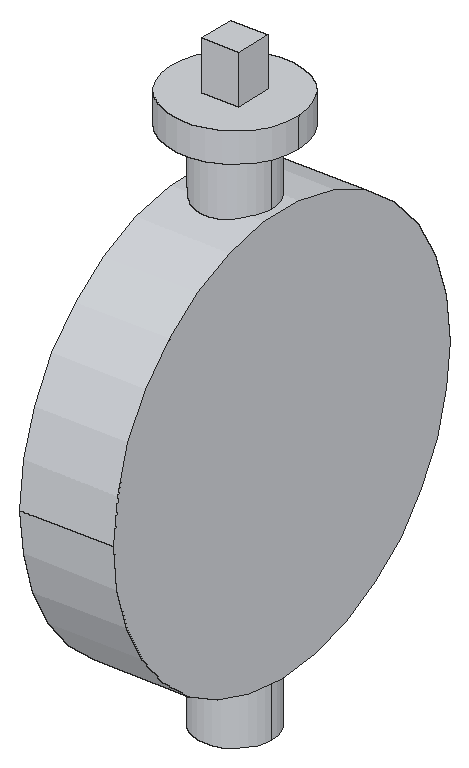
Revit family "HS497-68_disk-nerez_volné vřeteno DN100-RFA_2019", category Pipe Accessories, Revit 2019
Family settings
  Round Connector Dimension = Use Diameter
  Part Type = Valve - Breaks Into
  Work Plane-Based = No
  Always vertical = Yes
  Cut with Voids When Loaded = No
  Shared = No
Parameters (values of type "HS 497-68_DN600_PN10_volné vřeteno")
  magiProductId = "99d5892c14664fce81a7c5903f7711"
  magiProductFamilyId = "53cea81e6f374d17b8841d9c72ad77"
  magiPartTypeId = 305
  isMeasuringValve [instance] = no
  ang2D [instance] = 0.00°
  X11 = 143.397 mm
  X1 = 59.397 mm
  W2D = 1000 mm
  VersionID = "2.0/2017.9.26.1/ZETKAMA_497_001"
  Use Minimum Symbol Size [instance] = yes
  URL = "http://www.hydronic.cz"
  Type Comments = "mezipřírubová; nerezový disk; PN10; -10~+110°C (krátkodobě +120°C)"
  SW30 = no
  SW3 = no
  SW21 = no
  SW20 = no
  SW2 = no
  SW1 = yes
  R = 300 mm
  QmdConnectorList = "301;D;302;D"
  Productdata [instance] = ""
  NC = 50 mm
  Manufacturer = "Hydronic Systems Prague s.r.o."
  MM20 = 59.397 mm
  MC Product Code = "124 600 (nerezový disk, s volným vřetenem; DN600; PN10, kvs36778)"
  M41 = 66 mm
  M4 = 44 mm
  LHL = 220 mm
  LHH3 = 2.45 mm
  LHH1 = 46.55 mm
  LH1 = 73.333 mm
  L4R__ve = -L4R  # -12.8 mm
  L4R = 12.8 mm
  L42__ve = -L42  # -96 mm
  L42 = 96 mm
  L41__ve = -L41  # -19.2 mm
  L41 = 19.2 mm
  L2D_Min = 3048 mm
  L2D = 216 mm
  L2 = 77 mm
  L1 = 123.2 mm
  L = 154 mm
  H = 80 mm
  G22 = 11.25 mm
  G2 = 22.5 mm
  G1 = 90 mm
  G = 210 mm
  F = 60 mm
  E44 = 31.25 mm
  E42 = 62.5 mm
  E4 = 125 mm
  E23 = 4.9 mm
  E22 = 19.6 mm
  E21 = 9.8 mm
  Description = "Mezipřírubová uzavírací klapka s volným vřetenem; nerezový disk, DN600; PN10; kvs36788"
  DR2 = 300 mm
  DR = 690 mm
  DD1 = 15.625 mm
  DD = 12.5 mm
  D = 600 mm
  CAT0 = yes
  B2__ve = -B2  # -140 mm
  B2 = 140 mm
  A2 = 49.4 mm
  A1 = 144.6 mm
Types (43, lengths in mm): name | magiProductId | X11 | X1 | Type Comments | SW30 | SW3 | SW20 | SW2 | SW1 | R | NC | Manufacturer | MM20 | MC Product Code | M41 | M4 | LHL | LHH3 | LHH1 | LH1 | L4R__ve | L4R | L42__ve | L42 | L41__ve | L41 | L2 | L1 | L | H | G | F | E44 | E42 | E4 | E23 | E22 | E21 | Description | DR2 | DR | DD1 | DD | D | B2__ve | B2 | A2 | A1
  HS 497-68_DN100_PN16_volné vřeteno | "65d1b245f4f142c78569c0602d5754" | 61.456 | 25.456 | "mezipřírubová; nerezový disk; PN16; -10~+110°C (krátkodobě +120°C)" | no | no | no | no | yes | 50 | 50 | "Hydronic Systems Prague s.r.o." | 25.456 | "124 100 (nerezový disk, s volným vřetenem; DN100; PN16, kvs512)" | 66 | 44 | 220 | 2.45 | 46.55 | 73.333 | -12.8 | 12.8 | -96 | 96 | -19.2 | 19.2 | 26 | 41.6 | 52 | 30 | 90 | 11 | 31.25 | 62.5 | 125 | 4.9 | 19.6 | 9.8 | "Mezipřírubová uzavírací klapka s volným vřetenem; nerezový disk, DN100; PN16; kvs512" | 50 | 147 | 15.625 | 12.5 | 100 | -56 | 56 | 16.5 | 98.5
  HS 497-68_DN100_PN16_převodové kolo | "11e91b807e674d428c8e796fcdcfe2" | 61.456 | 25.456 | "mezipřírubová; nerezový disk; PN16; -10~+110°C (krátkodobě +120°C)" | yes | yes | no | no | no | 50 | 50 | "Hydronic Systems Prague s.r.o." | 25.456 | "126 100 (nerezový disk, s převodovým kolem; DN100; PN16, kvs512)" | 65.25 | 43.5 | 220 | 2.45 | 46.55 | 73.333 | -12.8 | 12.8 | -96 | 96 | -19.2 | 19.2 | 26 | 41.6 | 52 | 30 | 90 | 11 | 31.25 | 62.5 | 125 | 4.9 | 19.6 | 9.8 | "Mezipřírubová uzavírací klapka s převodovým kolem; nerezový disk, DN100; PN16; kvs512" | 50 | 147 | 15.625 | 12.5 | 100 | -56 | 56 | 16.5 | 98.5
  HS 497-68_DN100_PN16_s pákou | "28172f0b3f4b47b28323ac71cf8749" | 61.456 | 25.456 | "mezipřírubová; nerezový disk; PN16; -10~+110°C (krátkodobě +120°C)" | no | no | yes | yes | no | 50 | 50 | "Hydronic Systems Prague s.r.o." | 25.456 | "121 100 (nerezový disk, s pákou; DN100; PN16, kvs512)" | 66 | 44 | 260 | 3 | 57 | 86.667 | -12.8 | 12.8 | -96 | 96 | -19.2 | 19.2 | 26 | 41.6 | 52 | 30 | 90 | 11 | 31.25 | 62.5 | 125 | 6 | 24 | 12 | "Mezipřírubová uzavírací klapka s pákou; nerezový disk, DN100; PN16; kvs512" | 50 | 147 | 15.625 | 12.5 | 100 | -56 | 56 | 16.5 | 98.5
  HS 497-68_DN125_PN16_volné vřeteno | "0d813d910fc14f628bb3c2efbd185c" | 61.456 | 25.456 | "mezipřírubová; nerezový disk; PN16; -10~+110°C (krátkodobě +120°C)" | no | no | no | no | yes | 62.5 | 50 | "Hydronic Systems Prague s.r.o." | 25.456 | "124 125 (nerezový disk, s volným vřetenem; DN125; PN16, kvs872)" | 66 | 44 | 220 | 2.45 | 46.55 | 73.333 | -12.8 | 12.8 | -96 | 96 | -19.2 | 19.2 | 28 | 44.8 | 56 | 33 | 90 | 14 | 31.25 | 62.5 | 125 | 4.9 | 19.6 | 9.8 | "Mezipřírubová uzavírací klapka s volným vřetenem; nerezový disk, DN125; PN16; kvs872" | 62.5 | 180 | 15.625 | 12.5 | 125 | -64 | 64 | 18 | 99.5
  HS 497-68_DN125_PN16_převodové kolo | "c56b7c13f372467684996fb1e0e229" | 61.456 | 25.456 | "mezipřírubová; nerezový disk; PN16; -10~+110°C (krátkodobě +120°C)" | yes | yes | no | no | no | 62.5 | 50 | "Hydronic Systems Prague s.r.o." | 25.456 | "126125 (nerezový disk, s převodovým kolem; DN125; PN16, kvs872)" | 65.25 | 43.5 | 220 | 2.45 | 46.55 | 73.333 | -13.5 | 13.5 | -101.25 | 101.25 | -20.25 | 20.25 | 28 | 44.8 | 56 | 33 | 90 | 14 | 40 | 80 | 160 | 4.9 | 19.6 | 9.8 | "Mezipřírubová uzavírací klapka s převodovým kolem; nerezový disk, DN125; PN16; kvs872" | 62.5 | 180 | 20 | 16 | 125 | -64 | 64 | 18 | 99.5
  HS 497-68_DN125_PN16_s pákou | "105993c79a91492399feef7931321a" | 61.456 | 25.456 | "mezipřírubová; nerezový disk; PN16; -10~+110°C (krátkodobě +120°C)" | no | no | yes | yes | no | 62.5 | 50 | "Hydronic Systems Prague s.r.o." | 25.456 | "121 125 (nerezový disk, s pákou; DN125; PN16, kvs872)" | 66 | 44 | 315 | 3.75 | 71.25 | 105 | -12.8 | 12.8 | -96 | 96 | -19.2 | 19.2 | 28 | 44.8 | 56 | 33 | 90 | 14 | 31.25 | 62.5 | 125 | 7.5 | 30 | 15 | "Mezipřírubová uzavírací klapka s pákou; nerezový disk, DN125; PN16; kvs872" | 62.5 | 180 | 15.625 | 12.5 | 125 | -64 | 64 | 18 | 99.5
  HS 497-68_DN150_PN16_volné vřeteno | "50c80cb8ab434f55ab7796e5ac1331" | 61.456 | 25.456 | "mezipřírubová; nerezový disk; PN16; -10~+110°C (krátkodobě +120°C)" | no | no | no | no | yes | 75 | 50 | "Hydronic Systems Prague s.r.o." | 25.456 | "124 150 (nerezový disk, s volným vřetenem; DN150; PN16, kvs1347)" | 66 | 44 | 220 | 2.45 | 46.55 | 73.333 | -12.8 | 12.8 | -96 | 96 | -19.2 | 19.2 | 28 | 44.8 | 56 | 33 | 90 | 14 | 31.25 | 62.5 | 125 | 4.9 | 19.6 | 9.8 | "Mezipřírubová uzavírací klapka s volným vřetenem; nerezový disk, DN150; PN16; kvs1347" | 75 | 206 | 15.625 | 12.5 | 150 | -58 | 58 | 19.3 | 98.7
  HS 497-68_DN150_PN16_převodové kolo | "d94a1a0cf83b476eb10011b327f709" | 61.456 | 25.456 | "mezipřírubová; nerezový disk; PN16; -10~+110°C (krátkodobě +120°C)" | yes | yes | no | no | no | 75 | 50 | "Hydronic Systems Prague s.r.o." | 25.456 | "126 150 (nerezový disk, s převodovým kolem; DN150; PN16, kvs1347)" | 65.25 | 43.5 | 220 | 2.45 | 46.55 | 73.333 | -13.5 | 13.5 | -101.25 | 101.25 | -20.25 | 20.25 | 28 | 44.8 | 56 | 33 | 90 | 14 | 40 | 80 | 160 | 4.9 | 19.6 | 9.8 | "Mezipřírubová uzavírací klapka s převodovým kolem; nerezový disk, DN150; PN16; kvs1347" | 75 | 206 | 20 | 16 | 150 | -58 | 58 | 19.3 | 98.7
  HS 497-68_DN150_PN16_s pákou | "4d2835523fe84828bc50ff0a5a0dfb" | 61.456 | 25.456 | "mezipřírubová; nerezový disk; PN16; -10~+110°C (krátkodobě +120°C)" | no | no | yes | yes | no | 75 | 50 | "Hydronic Systems Prague s.r.o." | 25.456 | "121 150 (nerezový disk, s pákou; DN150; PN16, kvs1347)" | 66 | 44 | 315 | 3.75 | 71.25 | 105 | -12.8 | 12.8 | -96 | 96 | -19.2 | 19.2 | 28 | 44.8 | 56 | 33 | 90 | 14 | 31.25 | 62.5 | 125 | 7.5 | 30 | 15 | "Mezipřírubová uzavírací klapka s pákou; nerezový disk, DN150; PN16; kvs1347" | 75 | 206 | 15.625 | 12.5 | 150 | -58 | 58 | 19.3 | 98.7
  HS 497-68_DN200_PN16_volné vřeteno | "5b29029eaeba47139ee1055a4b9201" | 61.456 | 25.456 | "mezipřírubová; nerezový disk; PN16; -10~+110°C (krátkodobě +120°C)" | no | no | no | no | yes | 100 | 50 | "Hydronic Systems Prague s.r.o." | 25.456 | "124 200 (nerezový disk, s volným vřetenem; DN200; PN16, kvs2675)" | 66 | 44 | 220 | 2.45 | 46.55 | 73.333 | -12.8 | 12.8 | -96 | 96 | -19.2 | 19.2 | 30 | 48 | 60 | 33 | 90 | 17 | 31.25 | 62.5 | 125 | 4.9 | 19.6 | 9.8 | "Mezipřírubová uzavírací klapka s volným vřetenem; nerezový disk, DN200; PN16; kvs2675" | 100 | 257 | 15.625 | 12.5 | 200 | -70 | 70 | 22.5 | 102.5
  HS 497-68_DN200_PN16_převodové kolo | "b2793cc1fcc44cf2a35062cd67c04f" | 61.456 | 25.456 | "mezipřírubová; nerezový disk; PN16; -10~+110°C (krátkodobě +120°C)" | yes | yes | no | no | no | 100 | 57 | "Hydronic Systems Prague s.r.o." | 25.456 | "126 200 (nerezový disk, s převodovým kolem; DN200; PN16, kvs2675)" | 78.75 | 52.5 | 220 | 2.45 | 46.55 | 73.333 | -15.2 | 15.2 | -114 | 114 | -22.8 | 22.8 | 30 | 48 | 60 | 33 | 90 | 17 | 50 | 100 | 200 | 4.9 | 19.6 | 9.8 | "Mezipřírubová uzavírací klapka s převodovým kolem; nerezový disk, DN200; PN16; kvs2675" | 100 | 257 | 25 | 20 | 200 | -70 | 70 | 22.5 | 102.5
  HS 497-68_DN200_PN16_s pákou | "f88d96c7af224537a51e72d7d8fffe" | 61.456 | 25.456 | "mezipřírubová; nerezový disk; PN16; -10~+110°C (krátkodobě +120°C)" | no | no | yes | yes | no | 100 | 50 | "Hydronic Systems Prague s.r.o." | 25.456 | "121 200 (nerezový disk, s pákou; DN200; PN16, kvs2675)" | 66 | 44 | 315 | 3.75 | 71.25 | 105 | -12.8 | 12.8 | -96 | 96 | -19.2 | 19.2 | 30 | 48 | 60 | 33 | 90 | 17 | 31.25 | 62.5 | 125 | 7.5 | 30 | 15 | "Mezipřírubová uzavírací klapka s pákou; nerezový disk, DN200; PN16; kvs2675" | 100 | 257 | 15.625 | 12.5 | 200 | -70 | 70 | 22.5 | 102.5
  HS 497-68_DN250_PN16_volné vřeteno | "b662e8305ca2402b9c510e66e6aa55" | 88.77 | 36.77 | "mezipřírubová; nerezový disk; PN16; -10~+110°C (krátkodobě +120°C)" | no | no | no | no | yes | 125 | 50 | "Hydronic Systems Prague s.r.o." | 36.77 | "124 250 (nerezový disk, s volným vřetenem; DN250; PN16, kvs4555)" | 66 | 44 | 220 | 2.45 | 46.55 | 73.333 | -12.8 | 12.8 | -96 | 96 | -19.2 | 19.2 | 34 | 54.4 | 68 | 23 | 130 | 22 | 31.25 | 62.5 | 125 | 4.9 | 19.6 | 9.8 | "Mezipřírubová uzavírací klapka s volným vřetenem; nerezový disk, DN250; PN16; kvs4555" | 125 | 324 | 15.625 | 12.5 | 250 | -85 | 85 | 28.25 | 129.25
  HS 497-68_DN250_PN16_převodové kolo | "5ee9016806664ddfaa2632711f295c" | 88.77 | 36.77 | "mezipřírubová; nerezový disk; PN16; -10~+110°C (krátkodobě +120°C)" | yes | yes | no | no | no | 125 | 70 | "Hydronic Systems Prague s.r.o." | 36.77 | "126 250 (nerezový disk, s převodovým kolem; DN250; PN16, kvs4555)" | 91.5 | 61 | 220 | 2.45 | 46.55 | 73.333 | -22.2 | 22.2 | -166.5 | 166.5 | -33.3 | 33.3 | 34 | 54.4 | 68 | 23 | 130 | 22 | 62.5 | 125 | 250 | 4.9 | 19.6 | 9.8 | "Mezipřírubová uzavírací klapka s převodovým kolem; nerezový disk, DN250; PN16; kvs4555" | 125 | 324 | 31.25 | 25 | 250 | -85 | 85 | 28.25 | 129.25
  HS 497-68_DN300_PN16_volné vřeteno | "e1886f51ff004380a649519258edf2" | 88.77 | 36.77 | "mezipřírubová; nerezový disk; PN16; -10~+110°C (krátkodobě +120°C)" | no | no | no | no | yes | 150 | 50 | "Hydronic Systems Prague s.r.o." | 36.77 | "124 300 (nerezový disk, s volným vřetenem; DN300; PN16, kvs7037)" | 66 | 44 | 220 | 2.45 | 46.55 | 73.333 | -12.8 | 12.8 | -96 | 96 | -19.2 | 19.2 | 39 | 62.4 | 78 | 23 | 130 | 22 | 31.25 | 62.5 | 125 | 4.9 | 19.6 | 9.8 | "Mezipřírubová uzavírací klapka s volným vřetenem; nerezový disk, DN300; PN16; kvs7037" | 150 | 376 | 15.625 | 12.5 | 300 | -90 | 90 | 30.8 | 127.2
  HS 497-68_DN300_PN16_převodové kolo | "6860f094f77d42088fbebc3c97f755" | 88.77 | 36.77 | "mezipřírubová; nerezový disk; PN16; -10~+110°C (krátkodobě +120°C)" | yes | yes | no | no | no | 150 | 70 | "Hydronic Systems Prague s.r.o." | 36.77 | "126 300 (nerezový disk, s převodovým kolem; DN300; PN16, kvs7037)" | 91.5 | 61 | 220 | 2.45 | 46.55 | 73.333 | -22.2 | 22.2 | -166.5 | 166.5 | -33.3 | 33.3 | 39 | 62.4 | 78 | 23 | 130 | 22 | 62.5 | 125 | 250 | 4.9 | 19.6 | 9.8 | "Mezipřírubová uzavírací klapka s převodovým kolem; nerezový disk, DN300; PN16; kvs7037" | 150 | 376 | 31.25 | 25 | 300 | -90 | 90 | 30.8 | 127.2
  HS 497-68_DN032_PN16_volné vřeteno | "8c5f65de52aa4067a77564107e31b2" | 61.456 | 25.456 | "mezipřírubová; nerezový disk; PN16; -10~+110°C (krátkodobě +120°C)" | no | no | no | no | yes | 16 | 50 | "Hydronic Systems Prague s.r.o." | 25.456 | "124 032 (nerezový disk, s volným vřetenem; DN32; PN16, kvs78)" | 66 | 44 | 220 | 2.45 | 46.55 | 73.333 | -12.8 | 12.8 | -96 | 96 | -19.2 | 19.2 | 16.5 | 26.4 | 33 | 30 | 90 | 11 | 31.25 | 62.5 | 125 | 4.9 | 19.6 | 9.8 | "Mezipřírubová uzavírací klapka s volným vřetenem; nerezový disk, DN32; PN16; kvs78" | 16 | 68 | 15.625 | 12.5 | 32 | -44.2 | 44.2 | 10.25 | 76.25
  HS 497-68_DN032_PN16_převodové kolo | "60aaeffa8b3a4e809ef000e4660060" | 61.456 | 25.456 | "mezipřírubová; nerezový disk; PN16; -10~+110°C (krátkodobě +120°C)" | yes | yes | no | no | no | 16 | 50 | "Hydronic Systems Prague s.r.o." | 25.456 | "126 032 (nerezový disk, s převodovým kolem; DN32; PN16, kvs78)" | 65.25 | 43.5 | 220 | 2.45 | 46.55 | 73.333 | -12.8 | 12.8 | -96 | 96 | -19.2 | 19.2 | 16.5 | 26.4 | 33 | 30 | 90 | 11 | 31.25 | 62.5 | 125 | 4.9 | 19.6 | 9.8 | "Mezipřírubová uzavírací klapka s převodovým kolem; nerezový disk, DN32; PN16; kvs78" | 16 | 68 | 15.625 | 12.5 | 32 | -44.2 | 44.2 | 10.25 | 76.25
  HS 497-68_DN032_PN16_s pákou | "9ad8088d610749a1b871aa2aad8007" | 61.456 | 25.456 | "mezipřírubová; nerezový disk; PN16; -10~+110°C (krátkodobě +120°C)" | no | no | yes | yes | no | 16 | 50 | "Hydronic Systems Prague s.r.o." | 25.456 | "121 032 (nerezový disk, s pákou; DN32; PN16, kvs78)" | 66 | 44 | 220 | 2.45 | 46.55 | 73.333 | -12.8 | 12.8 | -96 | 96 | -19.2 | 19.2 | 16.5 | 26.4 | 33 | 30 | 90 | 11 | 31.25 | 62.5 | 125 | 4.9 | 19.6 | 9.8 | "Mezipřírubová uzavírací klapka s pákou; nerezový disk, DN32; PN16; kvs78" | 16 | 68 | 15.625 | 12.5 | 32 | -44.2 | 44.2 | 10.25 | 76.25
  HS 497-68_DN350_PN10_volné vřeteno | "72a1e05f22944421b7e9596a877137" | 109.255 | 45.255 | "mezipřírubová; nerezový disk; PN10; -10~+110°C (krátkodobě +120°C)" | no | no | no | no | yes | 175 | 50 | "Hydronic Systems Prague s.r.o." | 45.255 | "124 350 (nerezový disk, s volným vřetenem; DN350; PN10, kvs10165)" | 66 | 44 | 220 | 2.45 | 46.55 | 73.333 | -12.8 | 12.8 | -96 | 96 | -19.2 | 19.2 | 39 | 62.4 | 78 | 31 | 160 | 22 | 31.25 | 62.5 | 125 | 4.9 | 19.6 | 9.8 | "Mezipřírubová uzavírací klapka s volným vřetenem; nerezový disk, DN350; PN10; kvs10165" | 175 | 430 | 15.625 | 12.5 | 350 | -88 | 88 | 33.85 | 129.65
  HS 497-68_DN350_PN10_převodové kolo | "a5a01426cb28494ba3afca92f1dace" | 109.255 | 45.255 | "mezipřírubová; nerezový disk; PN10; -10~+110°C (krátkodobě +120°C)" | yes | yes | no | no | no | 175 | 70 | "Hydronic Systems Prague s.r.o." | 45.255 | "126 350 (nerezový disk, s převodovým kolem; DN350; PN10, kvs10165)" | 91.5 | 61 | 220 | 2.45 | 46.55 | 73.333 | -22.2 | 22.2 | -166.5 | 166.5 | -33.3 | 33.3 | 39 | 62.4 | 78 | 31 | 160 | 22 | 62.5 | 125 | 250 | 4.9 | 19.6 | 9.8 | "Mezipřírubová uzavírací klapka s převodovým kolem; nerezový disk, DN350; PN10; kvs10165" | 175 | 430 | 31.25 | 25 | 350 | -88 | 88 | 33.85 | 129.65
  HS 497-68_DN400_PN10_volné vřeteno | "c70ebeb927c04ab99b176e257ad0a7" | 109.255 | 45.255 | "mezipřírubová; nerezový disk; PN10; -10~+110°C (krátkodobě +120°C)" | no | no | no | no | yes | 200 | 50 | "Hydronic Systems Prague s.r.o." | 45.255 | "124 400 (nerezový disk, s volným vřetenem; DN400; PN10, kvs13799)" | 66 | 44 | 220 | 2.45 | 46.55 | 73.333 | -12.8 | 12.8 | -96 | 96 | -19.2 | 19.2 | 51 | 81.6 | 102 | 31 | 160 | 27 | 31.25 | 62.5 | 125 | 4.9 | 19.6 | 9.8 | "Mezipřírubová uzavírací klapka s volným vřetenem; nerezový disk, DN400; PN10; kvs13799" | 200 | 485 | 15.625 | 12.5 | 400 | -108 | 108 | 38 | 142
  HS 497-68_DN400_PN10_převodové kolo | "cc64a4384dcb41b780d81810f4f293" | 109.255 | 45.255 | "mezipřírubová; nerezový disk; PN10; -10~+110°C (krátkodobě +120°C)" | yes | yes | no | no | no | 200 | 72.5 | "Hydronic Systems Prague s.r.o." | 45.255 | "126 400 (nerezový disk, s převodovým kolem; DN400; PN10, kvs13799)" | 103.5 | 69 | 220 | 2.45 | 46.55 | 73.333 | -27.8 | 27.8 | -208.5 | 208.5 | -41.7 | 41.7 | 51 | 81.6 | 102 | 31 | 160 | 27 | 75 | 150 | 300 | 4.9 | 19.6 | 9.8 | "Mezipřírubová uzavírací klapka s převodovým kolem; nerezový disk, DN400; PN10; kvs13799" | 200 | 485 | 37.5 | 30 | 400 | -108 | 108 | 38 | 142
  HS 497-68_DN040_PN16_volné vřeteno | "35f92312390745e88df5b5c325d9ee" | 61.456 | 25.456 | "mezipřírubová; nerezový disk; PN16; -10~+110°C (krátkodobě +120°C)" | no | no | no | no | yes | 20 | 50 | "Hydronic Systems Prague s.r.o." | 25.456 | "124 040 (nerezový disk, s volným vřetenem; DN40; PN16, kvs78)" | 66 | 44 | 220 | 2.45 | 46.55 | 73.333 | -12.8 | 12.8 | -96 | 96 | -19.2 | 19.2 | 16.5 | 26.4 | 33 | 30 | 90 | 11 | 31.25 | 62.5 | 125 | 4.9 | 19.6 | 9.8 | "Mezipřírubová uzavírací klapka s volným vřetenem; nerezový disk, DN40; PN16; kvs78" | 20 | 76 | 15.625 | 12.5 | 40 | -36 | 36 | 11 | 79
  HS 497-68_DN040_PN16_převodové kolo | "d88e968eae3445bc9b7b4e6ff35127" | 61.456 | 25.456 | "mezipřírubová; nerezový disk; PN16; -10~+110°C (krátkodobě +120°C)" | yes | yes | no | no | no | 20 | 50 | "Hydronic Systems Prague s.r.o." | 25.456 | "126 040 (nerezový disk, s převodovým kolem; DN40; PN16, kvs78)" | 65.25 | 43.5 | 220 | 2.45 | 46.55 | 73.333 | -12.8 | 12.8 | -96 | 96 | -19.2 | 19.2 | 16.5 | 26.4 | 33 | 30 | 90 | 11 | 31.25 | 62.5 | 125 | 4.9 | 19.6 | 9.8 | "Mezipřírubová uzavírací klapka s převodovým kolem; nerezový disk, DN40; PN16; kvs78" | 20 | 76 | 15.625 | 12.5 | 40 | -36 | 36 | 11 | 79
  HS 497-68_DN040_PN16_s pákou | "c1b522ca65b4407a98818f232eaacb" | 61.456 | 25.456 | "mezipřírubová; nerezový disk; PN16; -10~+110°C (krátkodobě +120°C)" | no | no | yes | yes | no | 20 | 50 | "Hydronic Systems Prague s.r.o." | 25.456 | "121 040 (nerezový disk, s pákou; DN40; PN16, kvs78)" | 66 | 44 | 220 | 2.45 | 46.55 | 73.333 | -12.8 | 12.8 | -96 | 96 | -19.2 | 19.2 | 16.5 | 26.4 | 33 | 30 | 90 | 11 | 31.25 | 62.5 | 125 | 4.9 | 19.6 | 9.8 | "Mezipřírubová uzavírací klapka s pákou; nerezový disk, DN40; PN16; kvs78" | 20 | 76 | 15.625 | 12.5 | 40 | -36 | 36 | 11 | 79
  HS 497-68_DN450_PN10_volné vřeteno | "a8358bc282f14872b3194e530e590a" | 129.74 | 53.74 | "mezipřírubová; nerezový disk; PN10; -10~+110°C (krátkodobě +120°C)" | no | no | no | no | yes | 225 | 50 | "Hydronic Systems Prague s.r.o." | 53.74 | "124 450 (nerezový disk, s volným vřetenem; DN450; PN10, kvs18514)" | 66 | 44 | 220 | 2.45 | 46.55 | 73.333 | -12.8 | 12.8 | -96 | 96 | -19.2 | 19.2 | 57 | 91.2 | 114 | 38 | 190 | 36 | 31.25 | 62.5 | 125 | 4.9 | 19.6 | 9.8 | "Mezipřírubová uzavírací klapka s volným vřetenem; nerezový, DN450; PN10; kvs18514" | 225 | 536 | 15.625 | 12.5 | 450 | -115 | 115 | 38.05 | 117.45
  HS 497-68_DN450_PN10_převodové kolo | "cdf2d80f54a9414f9cbe50647c0ebd" | 129.74 | 53.74 | "mezipřírubová; nerezový disk; PN10; -10~+110°C (krátkodobě +120°C)" | yes | yes | no | no | no | 225 | 91.5 | "Zetkama" | 53.74 | "126 450 (nerezový disk, s převodovým kolem; DN450; PN10, kvs18514)" | 144.75 | 96.5 | 220 | 2.45 | 46.55 | 73.333 | -32.1 | 32.1 | -240.75 | 240.75 | -48.15 | 48.15 | 57 | 91.2 | 114 | 38 | 190 | 36 | 100 | 200 | 400 | 4.9 | 19.6 | 9.8 | "Mezipřírubová uzavírací klapka s převodovým kolem; nerezový disk, DN450; PN10; kvs18514" | 225 | 536 | 50 | 40 | 450 | -115 | 115 | 38.05 | 117.45
  HS 497-68_DN500_PN10_volné vřeteno | "8c396e27bb2743f98f3c762b6517cd" | 143.397 | 59.397 | "mezipřírubová; nerezový disk; PN10; -10~+110°C (krátkodobě +120°C)" | no | no | no | no | yes | 250 | 50 | "Hydronic Systems Prague s.r.o." | 59.397 | "124 500 (nerezový disk, s volným vřetenem; DN500; PN10, kvs23805)" | 66 | 44 | 220 | 2.45 | 46.55 | 73.333 | -12.8 | 12.8 | -96 | 96 | -19.2 | 19.2 | 63.5 | 101.6 | 127 | 38 | 210 | 36 | 31.25 | 62.5 | 125 | 4.9 | 19.6 | 9.8 | "Mezipřírubová uzavírací klapka s volným vřetenem; nerezový disk, DN500; PN10; kvs23805" | 250 | 593 | 15.625 | 12.5 | 500 | -130 | 130 | 43.25 | 139.25
  HS 497-68_DN500_PN10_převodové kolo | "7647804f32e94cef828a7034a91a46" | 143.397 | 59.397 | "mezipřírubová; nerezový disk; PN10; -10~+110°C (krátkodobě +120°C)" | yes | yes | no | no | no | 250 | 91.5 | "Zetkama" | 59.397 | "126 500 (nerezový disk, s převodovým kolem; DN500; PN10, kvs23805)" | 144.75 | 96.5 | 220 | 2.45 | 46.55 | 73.333 | -32.1 | 32.1 | -240.75 | 240.75 | -48.15 | 48.15 | 63.5 | 101.6 | 127 | 38 | 210 | 36 | 100 | 200 | 400 | 4.9 | 19.6 | 9.8 | "Mezipřírubová uzavírací klapka s převodovým kolem; nerezový disk, DN500; PN10; kvs23805" | 250 | 593 | 50 | 40 | 500 | -130 | 130 | 43.25 | 139.25
  HS 497-68_DN050_volné vřeteno | "d71f296ecd6d4adf8f6e5d9853b4e0" | 61.456 | 25.456 | "mezipřírubová; nerezový disk; PN16; -10~+110°C (krátkodobě +120°C)" | no | no | no | no | yes | 25 | 50 | "Hydronic Systems Prague s.r.o." | 25.456 | "124 050 (nerezový disk, s volným vřetenem; DN50; PN16, kvs98)" | 66 | 44 | 220 | 2.45 | 46.55 | 73.333 | -12.8 | 12.8 | -96 | 96 | -19.2 | 19.2 | 21.5 | 34.4 | 43 | 30 | 90 | 11 | 31.25 | 62.5 | 125 | 4.9 | 19.6 | 9.8 | "Mezipřírubová uzavírací klapka s volným vřetenem; nerezový disk, DN50; PN16; kvs98" | 25 | 100 | 15.625 | 12.5 | 50 | -36.5 | 36.5 | 12 | 83
  HS 497-68_DN050_PN16_převodové kolo | "2fb080deeaed49c58418b94c1da5a4" | 61.456 | 25.456 | "mezipřírubová; nerezový disk; PN16; -10~+110°C (krátkodobě +120°C)" | yes | yes | no | no | no | 25 | 50 | "Hydronic Systems Prague s.r.o." | 25.456 | "126 050 (nerezový disk, s převodovým kolem; DN50; PN16, kvs98)" | 65.25 | 43.5 | 220 | 2.45 | 46.55 | 73.333 | -12.8 | 12.8 | -96 | 96 | -19.2 | 19.2 | 21.5 | 34.4 | 43 | 30 | 90 | 11 | 31.25 | 62.5 | 125 | 4.9 | 19.6 | 9.8 | "Mezipřírubová uzavírací klapka s převodovým kolem; nerezový disk, DN50; PN16; kvs98" | 25 | 100 | 15.625 | 12.5 | 50 | -36.5 | 36.5 | 12 | 83
  HS 497-68_DN050_PN16_s pákou | "dabc632061f94877a994b9b4e68112" | 61.456 | 25.456 | "mezipřírubová; nerezový disk; PN16; -10~+110°C (krátkodobě +120°C)" | no | no | yes | yes | no | 25 | 50 | "Hydronic Systems Prague s.r.o." | 25.456 | "121 050 (nerezový disk, s pákou; DN50; PN16, kvs98)" | 66 | 44 | 220 | 2.45 | 46.55 | 73.333 | -12.8 | 12.8 | -96 | 96 | -19.2 | 19.2 | 21.5 | 34.4 | 43 | 30 | 90 | 11 | 31.25 | 62.5 | 125 | 4.9 | 19.6 | 9.8 | "Mezipřírubová uzavírací klapka s pákou; nerezový disk, DN50; PN16; kvs98" | 25 | 100 | 15.625 | 12.5 | 50 | -36.5 | 36.5 | 12 | 83
  HS 497-68_DN600_PN10_volné vřeteno | "99d5892c14664fce81a7c5903f7711" | 143.397 | 59.397 | "mezipřírubová; nerezový disk; PN10; -10~+110°C (krátkodobě +120°C)" | no | no | no | no | yes | 300 | 50 | "Hydronic Systems Prague s.r.o." | 59.397 | "124 600 (nerezový disk, s volným vřetenem; DN600; PN10, kvs36778)" | 66 | 44 | 220 | 2.45 | 46.55 | 73.333 | -12.8 | 12.8 | -96 | 96 | -19.2 | 19.2 | 77 | 123.2 | 154 | 80 | 210 | 60 | 31.25 | 62.5 | 125 | 4.9 | 19.6 | 9.8 | "Mezipřírubová uzavírací klapka s volným vřetenem; nerezový disk, DN600; PN10; kvs36788" | 300 | 690 | 15.625 | 12.5 | 600 | -140 | 140 | 49.4 | 144.6
  HS 497-68_DN600_PN10_převodové kolo | "b1e26faab48a4c499f6bb11e7e3002" | 143.397 | 59.397 | "mezipřírubová; lnerezový disk; PN10; -10~+110°C (krátkodobě +120°C)" | yes | yes | no | no | no | 300 | 140 | "Hydronic Systems Prague s.r.o." | 59.397 | "126 600 (nerezový disk, s převodovým kolem; DN600; PN10, kvs36778)" | 206.25 | 137.5 | 220 | 2.45 | 46.55 | 73.333 | -40.8 | 40.8 | -306 | 306 | -61.2 | 61.2 | 77 | 123.2 | 154 | 80 | 210 | 60 | 125 | 250 | 500 | 4.9 | 19.6 | 9.8 | "Mezipřírubová uzavírací klapka s převodovým kolem; nerezový disk, DN600; PN10; kvs36788" | 300 | 690 | 62.5 | 50 | 600 | -140 | 140 | 49.4 | 144.6
  HS 497-68_DN065_PN16_volné vřeteno | "5e5e208646e34ec29f889baab5d08e" | 61.456 | 25.456 | "mezipřírubová; lnerezový disk; PN16; -10~+110°C (krátkodobě +120°C)" | no | no | no | no | yes | 32.5 | 50 | "Hydronic Systems Prague s.r.o." | 25.456 | "124 065 (nerezový disk, s volným vřetenem; DN65; PN16, kvs167)" | 66 | 44 | 220 | 2.45 | 46.55 | 73.333 | -12.8 | 12.8 | -96 | 96 | -19.2 | 19.2 | 23 | 36.8 | 46 | 30 | 90 | 11 | 31.25 | 62.5 | 125 | 4.9 | 19.6 | 9.8 | "Mezipřírubová uzavírací klapka s volným vřetenem; nerezový disk, DN65; PN16; kv167" | 32.5 | 108 | 15.625 | 12.5 | 65 | -36.5 | 36.5 | 13.5 | 89
  HS 497-68_DN065_PN16_převodové kolo | "654d74c8d15540b0bfe523d988ccb3" | 61.456 | 25.456 | "mezipřírubová; nerezový disk; PN16; -10~+110°C (krátkodobě +120°C)" | yes | yes | no | no | no | 32.5 | 50 | "Hydronic Systems Prague s.r.o." | 25.456 | "126 065 (nerezový disk, s převodovým kolem; DN65; PN16, kvs167)" | 65.25 | 43.5 | 220 | 2.45 | 46.55 | 73.333 | -12.8 | 12.8 | -96 | 96 | -19.2 | 19.2 | 23 | 36.8 | 46 | 30 | 90 | 11 | 31.25 | 62.5 | 125 | 4.9 | 19.6 | 9.8 | "Mezipřírubová uzavírací klapka s převodovým kolem; nerezový disk, DN65; PN16; kvs167" | 32.5 | 108 | 15.625 | 12.5 | 65 | -36.5 | 36.5 | 13.5 | 89
  HS 497-68_DN065_PN16_s pákou | "ebeb4b59db0641caaf6d6635ab37b9" | 61.456 | 25.456 | "mezipřírubová; nerezový disk; PN16; -10~+110°C (krátkodobě +120°C)" | no | no | yes | yes | no | 32.5 | 50 | "Hydronic Systems Prague s.r.o." | 25.456 | "121 065 (nerezový disk, s pákou; DN65; PN16, kvs167)" | 66 | 44 | 220 | 2.45 | 46.55 | 73.333 | -12.8 | 12.8 | -96 | 96 | -19.2 | 19.2 | 23 | 36.8 | 46 | 30 | 90 | 11 | 31.25 | 62.5 | 125 | 4.9 | 19.6 | 9.8 | "Mezipřírubová uzavírací klapka s pákou; nerezový disk, DN65; PN16; kvs167" | 32.5 | 108 | 15.625 | 12.5 | 65 | -36.5 | 36.5 | 13.5 | 89
  HS 497-68_DN080_PN16_volné vřeteno | "9e85c75c18654e1185a9c48ed6b00e" | 61.456 | 25.456 | "mezipřírubová; nerezový disk; PN16; -10~+110°C (krátkodobě +120°C)" | no | no | no | no | yes | 40 | 50 | "Hydronic Systems Prague s.r.o." | 25.456 | "124 080 (nerezový disk, s volným vřetenem; DN80; PN16, kvs258)" | 66 | 44 | 220 | 2.45 | 46.55 | 73.333 | -12.8 | 12.8 | -96 | 96 | -19.2 | 19.2 | 23 | 36.8 | 46 | 30 | 90 | 11 | 31.25 | 62.5 | 125 | 4.9 | 19.6 | 9.8 | "Mezipřírubová uzavírací klapka s volným vřetenem; nerezový disk, DN80; PN16; kvs258" | 40 | 124 | 15.625 | 12.5 | 80 | -54 | 54 | 14.1 | 86.9
  HS 497-68_DN080_PN16_převodové kolo | "5b3c8238c3d041e68c75b199e7ea46" | 61.456 | 25.456 | "mezipřírubová; nerezový disk; PN16; -10~+110°C (krátkodobě +120°C)" | yes | yes | no | no | no | 40 | 50 | "Hydronic Systems Prague s.r.o." | 25.456 | "126 080 (nerezový disk, s převodovým kolem; DN80; PN16, kvs258)" | 65.25 | 43.5 | 220 | 2.45 | 46.55 | 73.333 | -12.8 | 12.8 | -96 | 96 | -19.2 | 19.2 | 23 | 36.8 | 46 | 30 | 90 | 11 | 31.25 | 62.5 | 125 | 4.9 | 19.6 | 9.8 | "Mezipřírubová uzavírací klapka s převodovým kolem; nerezový disk, DN80; PN16; kvs258" | 40 | 124 | 15.625 | 12.5 | 80 | -54 | 54 | 14.1 | 86.9
  HS 497-68_DN080_PN16_s pákou | "e414795fab0f4eccb99bc3572c5477" | 61.456 | 25.456 | "mezipřírubová; nerezový disk; PN16; -10~+110°C (krátkodobě +120°C)" | no | no | yes | yes | no | 40 | 50 | "Hydronic Systems Prague s.r.o." | 25.456 | "121 080 (nerezový disk, s pákou; DN80; PN16, kvs258)" | 66 | 44 | 260 | 3 | 57 | 86.667 | -12.8 | 12.8 | -96 | 96 | -19.2 | 19.2 | 23 | 36.8 | 46 | 30 | 90 | 11 | 31.25 | 62.5 | 125 | 6 | 24 | 12 | "Mezipřírubová uzavírací klapka s pákou; nerezový disk, DN80; PN16; kvs258" | 40 | 124 | 15.625 | 12.5 | 80 | -54 | 54 | 14.1 | 86.9
  HS 497-68_DN250_PN16_s pákou | "" | 88.77 | 36.77 | "mezipřírubová; nerezový disk; PN16; -10~+110°C (krátkodobě +120°C)" | no | no | yes | yes | no | 125 | 70 | "Hydronic Systems Prague s.r.o." | 36.77 | "121 250 (nerezový disk, s ákou; DN250; PN16, kvs4555)" | 91.5 | 61 | 220 | 2.45 | 46.55 | 73.333 | -22.2 | 22.2 | -166.5 | 166.5 | -33.3 | 33.3 | 34 | 54.4 | 68 | 23 | 130 | 22 | 62.5 | 125 | 250 | 4.9 | 19.6 | 9.8 | "Mezipřírubová uzavírací klapka s pákou; nerezový disk, DN250; PN16; kvs4555" | 125 | 324 | 31.25 | 25 | 250 | -85 | 85 | 28.25 | 129.25
  HS 497-68_DN300_PN16_s pákou | "" | 88.77 | 36.77 | "mezipřírubová; nerezový disk; PN16; -10~+110°C (krátkodobě +120°C)" | no | no | yes | yes | no | 150 | 70 | "Hydronic Systems Prague s.r.o." | 36.77 | "121 300 (nerezový disk, s pákou; DN300; PN16, kvs7037)" | 91.5 | 61 | 220 | 2.45 | 46.55 | 73.333 | -22.2 | 22.2 | -166.5 | 166.5 | -33.3 | 33.3 | 39 | 62.4 | 78 | 23 | 130 | 22 | 62.5 | 125 | 250 | 4.9 | 19.6 | 9.8 | "Mezipřírubová uzavírací klapka s pákou; nerezový disk, DN300; PN16; kvs7037" | 150 | 376 | 31.25 | 25 | 300 | -90 | 90 | 30.8 | 127.2
Reference planes
  plane 1 "Center (Front/Back)": y = 0
  plane 2 "XYPLANE": z = 0
  plane 3 "Center (Left/Right)": x = 0
  plane 4 "473": x = -59.397
  plane 5 "472": x = -66
  plane 6 "471": y = -59.397
  plane 7 "470": y = 59.397
  plane 8 "469": x = -44
  plane 9 "468": y = -115.2
  plane 10 "467": y = -96
  plane 11 "466": z = 525.25
  plane 12 "465": z = 540.55
  plane 13 "464": y = 145.417
  plane 14 "463": z = 530.75
  plane 15 "462": z = 513.6
  plane 16 "461": z = 523.4
  plane 17 "460": y = 72.083
  plane 18 "459": x = -11.25
  plane 19 "458": x = 11.25
  plane 20 "457": y = -6.25
  plane 21 "456": x = -17.5
  plane 22 "455": x = 17.5
  plane 23 "454": z = 528.3
  plane 24 "453": y = 62.083
  plane 25 "452": y = -11.25
  plane 26 "451": x = -22.5
  plane 27 "450": x = 22.5
  plane 28 "449": z = 508.7
  plane 29 "448": z = 503.8
  plane 30 "447": z = -300
  plane 31 "446": z = 494
  plane 32 "445": z = 444.6
  plane 33 "444": z = 300
  plane 34 "443": x = 77
  plane 35 "442": x = -77
  plane 36 "441": z = 0
  plane 37 "440": y = 0
  plane 38 "439": x = 0
  plane 39 "438": z = 543
  plane 40 "437": z = 528.3
  plane 41 "436": x = 13.7
  plane 42 "435": x = -13.7
  plane 43 "434": y = 220
Forms (mm)
  Extrusion 1, solid, visible <- "SW3"
    sketch origin (-750, 0, 494) x (1, 0, 0) y (0, 1, 0)
      loop
        line (684, 59.397) -> (684, -59.397) -> (690.603, -59.397)
        arc (690.603, -59.397) -> (834, 0) -> (690.603, 59.397) r 84
        line (690.603, 59.397) -> (684, 59.397)
    from 0 to 62.5 <- "E42"
  Extrusion 2, solid, visible <- "SW30"
    sketch origin (0, -750, 0) x (0, 1, 0) y (0, 0, 1)
      loop
        circle (750, 525.25) r 7.813
    from 0 to 50 <- "NC"
  Extrusion 3, solid, visible <- "SW30"
    sketch origin (750, -115.2, 0) x (-1, 0, 0) y (0, 0, 1)
      loop
        circle (794, 525.25) r 62.5
    from 0 to -12.8 <- "L4R__ve"
  Extrusion 4, solid, visible <- "SW3"
    sketch origin (750, -96, 0) x (-1, 0, 0) y (0, 0, 1)
      loop
        circle (794, 525.25) r 7.813
    from 0 to -19.2 <- "L41__ve"
  Extrusion 5, solid, visible <- "SW30"
    sketch origin (750, 0, 0) x (-1, 0, 0) y (0, 0, 1)
      loop
        circle (794, 525.25) r 6.25
    from 0 to -96 <- "L42__ve"
  Blend 6, solid, visible <- "SW21"
    base sketch origin (750, 72.083, 0) x (-1, 0, 0) y (0, 0, 1)
      loop
        line (761.25, 523.4) -> (738.75, 523.4) -> (738.75, 513.6) -> (761.25, 513.6) -> (761.25, 523.4)
    top sketch origin (750, 72.083, 0) x (-1, 0, 0) y (0, 0, 1)
      loop
        line (761.25, 540.55) -> (738.75, 540.55) -> (738.75, 530.75) -> (761.25, 530.75) -> (761.25, 540.55)
    from 0 to 73.333
  Blend 7, solid, visible <- "SW21"
    base sketch origin (750, 62.083, 0) x (-1, 0, 0) y (0, 0, 1)
      loop
        line (761.25, 528.3) -> (738.75, 528.3) -> (738.75, 508.7) -> (761.25, 508.7) -> (761.25, 528.3)
    top sketch origin (750, 62.083, 0) x (-1, 0, 0) y (0, 0, 1)
      loop
        line (761.25, 523.4) -> (738.75, 523.4) -> (738.75, 513.6) -> (761.25, 513.6) -> (761.25, 523.4)
    from 0 to 10
  Blend 8, solid, visible <- "SW21"
    base sketch origin (-750, 0, 508.7) x (1, 0, 0) y (0, 1, 0)
      loop
        line (772.5, 62.083) -> (727.5, 62.083) -> (727.5, -11.25)
        arc (727.5, -11.25) -> (750, -31.25) -> (772.5, -11.25) r 22.656
        line (772.5, -11.25) -> (772.5, 62.083)
    top sketch origin (-750, 0, 508.7) x (1, 0, 0) y (0, 1, 0)
      loop
        line (767.5, 62.083) -> (732.5, 62.083) -> (732.5, -6.25)
        arc (732.5, -6.25) -> (750, -26.25) -> (767.5, -6.25) r 17.656
        line (767.5, -6.25) -> (767.5, 62.083)
    from 0 to 19.6
  Extrusion 9, solid, visible <- "SW2"
    sketch origin (-750, 0, 503.8) x (1, 0, 0) y (0, 1, 0)
      loop
        circle (750, 0) r 11.25
    from 0 to 4.9 <- "E23"
  Extrusion 10, solid, visible <- "SW2"
    sketch origin (-750, 0, 494) x (1, 0, 0) y (0, 1, 0)
      loop
        circle (750, 0) r 45
    from 0 to 9.8 <- "E21"
  Extrusion 11, solid, visible <- "CAT0"
    sketch origin (-750, 0, -300) x (1, 0, 0) y (0, 1, 0)
      loop
        circle (750, 0) r 61.6
    from 0 to -140 <- "B2__ve"
  Extrusion 12, solid, visible <- "CAT0"
    sketch origin (-750, 0, 444.6) x (1, 0, 0) y (0, 1, 0)
      loop
        circle (750, 0) r 105
    from 0 to 49.4 <- "A2"
  Extrusion 13, solid, visible <- "CAT0"
    sketch origin (-750, 0, 300) x (1, 0, 0) y (0, 1, 0)
      loop
        circle (750, 0) r 61.6
    from 0 to 144.6 <- "A1"
  Extrusion 14, solid, visible <- "CAT0"
    sketch origin (-77, -750, 0) x (0, 1, 0) y (0, 0, 1)
      loop
        circle (750, 0) r 345
    from 0 to 154 <- "L"
  Extrusion 15, solid, visible <- "SW1"
    sketch origin (-750, 0, 494) x (1, 0, 0) y (0, 1, 0)
      loop
        line (780, 30) -> (720, 30) -> (720, -30) -> (780, -30) -> (780, 30)
    from 0 to 80 <- "H"
  Blend 16, solid, visible <- "SW2"
    base sketch origin (750, 145.417, 0) x (-1, 0, 0) y (0, 0, 1)
      loop
        arc (763.7, 538) -> (762.236, 541.536) -> (758.7, 543) r 5
        line (758.7, 543) -> (741.3, 543)
        arc (741.3, 543) -> (737.764, 541.536) -> (736.3, 538) r 5
        line (736.3, 538) -> (736.3, 533.3)
        arc (736.3, 533.3) -> (737.764, 529.764) -> (741.3, 528.3) r 5
        line (741.3, 528.3) -> (758.7, 528.3)
        arc (758.7, 528.3) -> (762.236, 529.764) -> (763.7, 533.3) r 5
        line (763.7, 533.3) -> (763.7, 538)
    top sketch origin (750, 145.417, 0) x (-1, 0, 0) y (0, 0, 1)
      loop
        arc (763.7, 538) -> (762.236, 541.536) -> (758.7, 543) r 5
        line (758.7, 543) -> (741.3, 543)
        arc (741.3, 543) -> (737.764, 541.536) -> (736.3, 538) r 5
        line (736.3, 538) -> (736.3, 533.3)
        arc (736.3, 533.3) -> (737.764, 529.764) -> (741.3, 528.3) r 5
        line (741.3, 528.3) -> (758.7, 528.3)
        arc (758.7, 528.3) -> (762.236, 529.764) -> (763.7, 533.3) r 5
        line (763.7, 533.3) -> (763.7, 538)
    from 0 to 74.583
  Blend 17, solid, visible <- "SW20"
    base sketch origin (750, 145.417, 0) x (-1, 0, 0) y (0, 0, 1)
      loop
        line (763.7, 543) -> (736.3, 543) -> (736.3, 528.3) -> (763.7, 528.3) -> (763.7, 543)
    top sketch origin (750, 145.417, 0) x (-1, 0, 0) y (0, 0, 1)
      loop
        line (761.25, 528.3) -> (738.75, 528.3) -> (738.75, 508.7) -> (761.25, 508.7) -> (761.25, 528.3)
    from 0 to -83.333
  Extrusion 18, solid, visible <- "SW20"
    sketch origin (-750, 0, 508.7) x (1, 0, 0) y (0, 1, 0)
      loop
        line (772.5, 62.083) -> (727.5, 62.083) -> (727.5, -11.25)
        arc (727.5, -11.25) -> (750, -31.25) -> (772.5, -11.25) r 22.656
        line (772.5, -11.25) -> (772.5, 62.083)
    from 0 to 19.6 <- "E22"
  Extrusion 19, solid, not visible
    sketch origin (-77, -750, 0) x (0, 1, 0) y (0, 0, 1)
      loop
        circle (750, 0) r 10
    from 0 to 10
  Extrusion 20, solid, not visible
    sketch origin (77, -750, 0) x (0, 1, 0) y (0, 0, 1)
      loop
        circle (750, 0) r 10
    from 0 to -10
Lines and regions (mm)
  reference lines, not visible
    curve 1: circle (2, 2, 0) r 1 normal (0, 0, 1)
  reference lines
    curve 2: line (-59.397, -59.397, 494) -> (-59.397, 59.397, 494)
    curve 3: line (-17.5, -6.25, 508.7) -> (17.5, -6.25, 508.7)
    curve 4: line (-22.5, -11.25, 508.7) -> (22.5, -11.25, 508.7)
    curve 5: circle (0, 0, 494) r 1 normal (0, 0, 1)
    curve 6: line (-22.5, -11.25, 508.7) -> (22.5, -11.25, 508.7)
Dimensions and locks
  plane 1 "Center (Front/Back)" to curve 1 = 2 mm
  "X1": plane 3 "Center (Left/Right)" to plane 4 "473"
  "M41": plane 3 "Center (Left/Right)" to plane 5 "472"
  "MM20": plane 1 "Center (Front/Back)" to plane 6 "471"
  "MM20": plane 1 "Center (Front/Back)" to plane 7 "470"
  "M4": plane 3 "Center (Left/Right)" to plane 8 "469"
  "L41": plane 10 "467" to plane 9 "468"
  "L42": plane 1 "Center (Front/Back)" to plane 10 "467"
  "E44": plane 31 "446" to plane 11 "466"
  "LHH1": plane 31 "446" to plane 12 "465"
  "LH1": plane 17 "460" to plane 13 "464"
  "E21": plane 12 "465" to plane 14 "463"
  "E21": plane 16 "461" to plane 15 "462"
  "E23": plane 23 "454" to plane 16 "461"
  locked: plane 24 "453" to plane 17 "460" at 10
  "G22": plane 3 "Center (Left/Right)" to plane 18 "459"
  "G22": plane 3 "Center (Left/Right)" to plane 19 "458"
  locked: plane 25 "452" to plane 20 "457" at 5
  locked: plane 26 "451" to plane 21 "456" at 5
  locked: plane 27 "450" to plane 22 "455" at 5
  "E22": plane 28 "449" to plane 23 "454"
  "LH1": plane 25 "452" to plane 24 "453"
  "G22": plane 1 "Center (Front/Back)" to plane 25 "452"
  "G2": plane 3 "Center (Left/Right)" to plane 26 "451"
  "G2": plane 3 "Center (Left/Right)" to plane 27 "450"
  "E23": plane 29 "448" to plane 28 "449"
  "E21": plane 31 "446" to plane 29 "448"
  "R": plane 2 "XYPLANE" to plane 30 "447"
  "A2": plane 32 "445" to plane 31 "446"
  "A1": plane 33 "444" to plane 32 "445"
  "DR2": plane 2 "XYPLANE" to plane 33 "444"
  "L2": plane 3 "Center (Left/Right)" to plane 34 "443"
  "L2": plane 3 "Center (Left/Right)" to plane 35 "442"
  locked: plane 2 "XYPLANE" to plane 36 "441"
  locked: plane 1 "Center (Front/Back)" to plane 37 "440"
  locked: plane 3 "Center (Left/Right)" to plane 38 "439"
  "LHH3": plane 12 "465" to plane 39 "438"
  "LHH3": plane 14 "463" to plane 40 "437"
  "LHH3": plane 19 "458" to plane 41 "436"
  "LHH3": plane 18 "459" to plane 42 "435"
  "LHL": plane 1 "Center (Front/Back)" to plane 43 "434"
  "X11": curve 2 to Extrusion 1 sketch curve
  Extrusion 1 sketch curve to Extrusion 1 sketch curve = 0 mm  (x8)
  Blend 6 sketch curve to Blend 6 sketch curve = 0 mm  (x16)
  Blend 7 sketch curve to Blend 7 sketch curve = 0 mm  (x16)
  Blend 8 sketch curve to Blend 8 sketch curve = 0 mm  (x16)
  equal spacing: Extrusion 15 sketch curve, curve 5, Extrusion 15 sketch curve  (x2)
  "F": Extrusion 15 sketch curve to Extrusion 15 sketch curve  (x2)
  Blend 16 sketch curve to Blend 16 sketch curve = 0 mm  (x32)
  Blend 17 sketch curve to Blend 17 sketch curve = 0 mm  (x16)
  Extrusion 18 sketch curve to Extrusion 18 sketch curve = 0 mm  (x8)
  "DD1": diameter of Extrusion 2 sketch curve
  "E4": diameter of Extrusion 3 sketch curve
  "DD1": diameter of Extrusion 4 sketch curve
  "DD": diameter of Extrusion 5 sketch curve
  "G2": diameter of Extrusion 9 sketch curve
  "G1": diameter of Extrusion 10 sketch curve
  "L1": diameter of Extrusion 11 sketch curve
  "G": diameter of Extrusion 12 sketch curve
  "L1": diameter of Extrusion 13 sketch curve
  "DR": diameter of Extrusion 14 sketch curve
  radius of Blend 16 sketch curve = 5 mm  (x8)
  aligned and locked: level to plane 2 "XYPLANE"
  aligned and locked: Extrusion 1 sketch curve to plane 5 "472"
  aligned and locked: plane 7 "470" to Extrusion 1 sketch curve
  aligned and locked: plane 6 "471" to Extrusion 1 sketch curve
  aligned and locked: plane 5 "472" to Extrusion 1 sketch curve
  aligned and locked: plane 4 "473" to Extrusion 1 sketch curve  (x2)
  aligned and locked: plane 4 "473" to curve 2
  aligned and locked: plane 6 "471" to curve 2
  aligned and locked: plane 7 "470" to curve 2
  aligned and locked: Extrusion 1 sketch curve to plane 7 "470"
  aligned and locked: plane 11 "466" to Extrusion 2 sketch curve
  aligned and locked: plane 37 "440" to Extrusion 2 sketch curve
  aligned and locked: plane 8 "469" to Extrusion 3 sketch curve
  aligned and locked: plane 11 "466" to Extrusion 3 sketch curve
  aligned and locked: plane 8 "469" to Extrusion 4 sketch curve
  aligned and locked: plane 11 "466" to Extrusion 4 sketch curve
  aligned and locked: plane 8 "469" to Extrusion 5 sketch curve
  aligned and locked: plane 11 "466" to Extrusion 5 sketch curve
  aligned and locked: plane 12 "465" to Blend 6 sketch curve  (x2)
  aligned and locked: plane 18 "459" to Blend 6 sketch curve  (x4)
  aligned and locked: plane 19 "458" to Blend 6 sketch curve  (x4)
  aligned and locked: plane 14 "463" to Blend 6 sketch curve  (x2)
  aligned and locked: plane 16 "461" to Blend 6 sketch curve  (x2)
  aligned and locked: plane 15 "462" to Blend 6 sketch curve  (x2)
  aligned and locked: plane 13 "464" to Blend 6
  aligned and locked: plane 16 "461" to Blend 7 sketch curve  (x2)
  aligned and locked: plane 18 "459" to Blend 7 sketch curve  (x4)
  aligned and locked: plane 19 "458" to Blend 7 sketch curve  (x4)
  aligned and locked: plane 15 "462" to Blend 7 sketch curve  (x2)
  aligned and locked: plane 23 "454" to Blend 7 sketch curve  (x2)
  aligned and locked: plane 28 "449" to Blend 7 sketch curve  (x2)
  aligned and locked: plane 17 "460" to Blend 7
  aligned and locked: plane 24 "453" to Blend 8 sketch curve  (x4)
  aligned and locked: plane 22 "455" to Blend 8 sketch curve  (x2)
  aligned and locked: plane 21 "456" to Blend 8 sketch curve
  aligned and locked: plane 20 "457" to Blend 8 sketch curve  (x2)
  aligned and locked: curve 3 to plane 20 "457"
  aligned and locked: plane 21 "456" to curve 3
  aligned and locked: plane 22 "455" to curve 3
  aligned and locked: plane 27 "450" to Blend 8 sketch curve  (x2)
  aligned and locked: plane 26 "451" to Blend 8 sketch curve
  aligned and locked: plane 25 "452" to Blend 8 sketch curve  (x2)
  aligned and locked: curve 4 to plane 25 "452"
  aligned and locked: plane 26 "451" to curve 4
  aligned and locked: plane 27 "450" to curve 4
  aligned and locked: plane 23 "454" to Blend 8
  aligned and locked: plane 37 "440" to Extrusion 9 sketch curve
  aligned and locked: plane 38 "439" to Extrusion 9 sketch curve
  aligned and locked: plane 37 "440" to Extrusion 10 sketch curve
  aligned and locked: plane 38 "439" to Extrusion 10 sketch curve
  aligned and locked: plane 37 "440" to Extrusion 11 sketch curve
  aligned and locked: plane 38 "439" to Extrusion 11 sketch curve
  aligned and locked: plane 37 "440" to Extrusion 12 sketch curve
  aligned and locked: plane 38 "439" to Extrusion 12 sketch curve
  aligned and locked: plane 37 "440" to Extrusion 13 sketch curve
  aligned and locked: plane 38 "439" to Extrusion 13 sketch curve
  aligned and locked: plane 36 "441" to Extrusion 14 sketch curve
  aligned and locked: Extrusion 14 sketch curve to plane 37 "440"
  aligned and locked: plane 37 "440" to curve 5
  aligned and locked: plane 38 "439" to curve 5
  aligned and locked: plane 39 "438" to Blend 16 sketch curve  (x2)
  aligned and locked: plane 41 "436" to Blend 16 sketch curve  (x2)
  aligned and locked: Blend 16 sketch curve to plane 40 "437"  (x2)
  aligned and locked: Blend 16 sketch curve to plane 42 "435"  (x2)
  aligned and locked: plane 43 "434" to Blend 16
  aligned and locked: plane 23 "454" to Blend 17 sketch curve  (x2)
  aligned and locked: plane 18 "459" to Blend 17 sketch curve  (x2)
  aligned and locked: plane 19 "458" to Blend 17 sketch curve  (x2)
  aligned and locked: plane 28 "449" to Blend 17 sketch curve  (x2)
  aligned and locked: plane 39 "438" to Blend 17 sketch curve  (x2)
  aligned and locked: plane 42 "435" to Blend 17 sketch curve  (x2)
  aligned and locked: plane 41 "436" to Blend 17 sketch curve  (x2)
  aligned and locked: plane 40 "437" to Blend 17 sketch curve  (x2)
  aligned and locked: Blend 17 to plane 24 "453"
  aligned and locked: plane 24 "453" to Extrusion 18 sketch curve  (x2)
  aligned and locked: plane 27 "450" to Extrusion 18 sketch curve  (x2)
  aligned and locked: plane 26 "451" to Extrusion 18 sketch curve
  aligned and locked: plane 25 "452" to Extrusion 18 sketch curve  (x2)
  aligned and locked: curve 6 to plane 25 "452"
  aligned and locked: plane 26 "451" to curve 6
  aligned and locked: plane 27 "450" to curve 6
  aligned and locked: plane 36 "441" to Extrusion 19 sketch curve
  aligned and locked: Extrusion 19 sketch curve to plane 37 "440"
  aligned and locked: plane 36 "441" to Extrusion 20 sketch curve
  aligned and locked: Extrusion 20 sketch curve to plane 37 "440"
Automatic sketch dimensions
  Blend 8 sketch curve to plane 20 "457" = 2.344 mm  (x2)
  Extrusion 18 sketch curve to plane 20 "457" = 2.344 mm
  plane 25 "452" to Extrusion 19 sketch curve = 1.25 mm
  plane 25 "452" to Extrusion 20 sketch curve = 1.25 mm
  plane 3 "Center (Left/Right)" to curve 1 = 2 mm
  Extrusion 15 sketch curve to plane 26 "451" = 7.5 mm
  Extrusion 15 sketch curve to plane 25 "452" = 18.75 mm
  radius of curve 5 = 1 mm
  radius of curve 1 = 1 mm
Connectors
  piping at (-77, 0, 0), diameter 600, driven by "D"
    settings: on Extrusion 19, index 1, connector inside diameter 609.6 mm, connector length 0 mm, flow factor 0, pipe flow 0.0 L/s, pressure drop 0.0 Pa, fitting loss kfactor 0, connector angle 0.00°, fixture units 0, engagement length 0 mm, angle of deflection 0.00°, flow configuration 0, flow direction 0, fitting loss method 0, system type 29, joint type 0, gender type 0, connector reference index 2, connector utility 0, adjustable connector no, is connector primary yes, connector description ""
  piping at (77, 0, 0), diameter 600, driven by "D"
    settings: on Extrusion 20, index 2, connector inside diameter 609.6 mm, connector length 0 mm, flow factor 0, pipe flow 0.0 L/s, pressure drop 0.0 Pa, fitting loss kfactor 0, connector angle 0.00°, fixture units 0, engagement length 0 mm, angle of deflection 0.00°, flow configuration 0, flow direction 0, fitting loss method 0, system type 29, joint type 0, gender type 0, connector reference index 1, connector utility 0, adjustable connector no, is connector primary no, connector description ""
